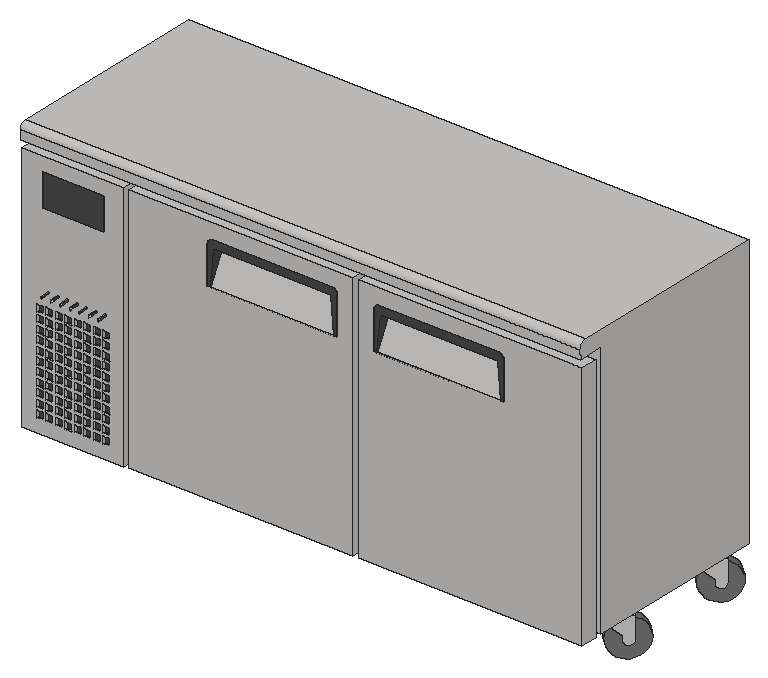
Revit family "QF_Turbo Air_JUF-60N", category Specialty Equipment, Revit 2012
Parameters
  Weight in Pounds = 210
  Watermarked By = "http://revitwatermark.com"
  Volts = 115 V
  URL Cutsheet = ""
  URL = "www.turboairinc.com"
  Status [instance] = ""
  Specification by User [instance] = ""
  Specification by Manufacturer [instance] = ""
  Serial Number [instance] = ""
  Revision Code [instance] = ""
  Phase = 1
  Number of Poles [instance] = 1
  NAFEM Spec ID Number [instance] = ""
  Model = "JUF-60N"
  Masterspec [instance] = ""
  Manufacturer = "Turbo Air"  # constant formula
  Legs [instance] = [6 inch Legs]  # no
  Item Number [instance] = "-"
  Installed By [instance] = ""
  HP = "1/3"
  Furnished By [instance] = ""
  Foodservice Equipment Identifier = yes
  FL Amps = 5.5 A
  Electrical Remarks [instance] = ""
  Electric Connection Type [instance] = ""
  Elec Conn RI Height [instance] = 0' - 0"
  Elec Conn Connection Height = 1' - 0"
  Description = "Undercounter Freezer"
  Cycle = 60 Hz
  Conn Plug = "NEMA 5-15P"
  Casters [instance] = not(Legs)  # yes
  CasterLeg Height [instance] = if([4 inch Casters], 0' 5", if([5 inch Casters], 0' 5 3/4", if([2_5 inch Casters], 0' 3 3/8", 0' 6")))  # 0' - 5"
  CSI MasterFormat = "11 41 13"
  Assembly Code = "E1090320"
  Apparent Power = if(Phase = 3, Volts * FL Amps * 1.73, Volts * FL Amps)  # 632.5 VA
  6 inch Legs [instance] = no
  5 inch Casters [instance] = no
  4 inch Casters [instance] = yes
  2_5 inch Casters [instance] = no
Reference planes (in)
  plane 1 "BACK": y = -5.375
  plane 2: z = 0
  plane 3 "LEFT": x = -20.72594
  plane 4 "Bottom": z = 5
  plane 5 "Back Stops": y = -4.375
  plane 6 "RIGHT": x = 38.27406
  plane 7 "FRONT": y = -29
  plane 8 "Door Clearance": y = -49.25
  plane 9 "Back of Door": y = -25.4375
  plane 10 "Front of Box": y = -24.75
  plane 11 "Counter Top": z = 33.75
  plane 12 "Top of Door": z = 31.25
  plane 13 "Front of Doors": y = -27.25
  plane 14 "Front of Ledge": y = -27.5
  plane 15 "Left of Right Door": x = 14.71156
  plane 16 "Right of Grill": x = -9.97594
  plane 17 "Right of Left Door": x = 14.08656
  plane 18 "Left of Left Door": x = -9.47594
Forms (in)
  Extrusion 1, solid, material "QF_Finishes_Stainless Steel"
    sketch origin (-20.72594, 0, 0) x (0, 1, 0) y (0, 0, 1)
      loop
        line (-5.375, 5) -> (-5.375, 33.75) -> (-26.8125, 33.75)
        arc (-26.8125, 33.75) -> (-27.29864, 33.54864) -> (-27.5, 33.0625) r 0.6875
        line (-27.5, 33.0625) -> (-27.5, 32.125) -> (-24.75, 32.125) -> (-24.75, 5) -> (-5.375, 5)
    from 0 to 59
  Extrusion 2, solid, material "QF_Finishes_Black"
    sketch origin (0, -24.75, 0) x (1, 0, 0) y (0, 0, 1)
      loop
        line (37.27406, 6) -> (37.27406, 30.25) -> (15.71156, 30.25) -> (15.71156, 6) -> (37.27406, 6)
      loop
        line (13.08656, 6) -> (13.08656, 30.25) -> (-8.47594, 30.25) -> (-8.47594, 6) -> (13.08656, 6)
    from 0 to 0.6875
  Extrusion 3, solid, material "QF_Finishes_Black"
    sketch origin (0, -5.375, 0) x (1, 0, 0) y (0, 0, 1)
      loop
        circle (-14.60094, 28.9375) r 0.5
      loop
        circle (32.14906, 28.9375) r 0.5
    from 0 to -1
  Extrusion 4, solid, material "QF_Finishes_Stainless Steel"
    sketch origin (0, -5.375, 0) x (1, 0, 0) y (0, 0, 1)
      loop
        circle (-15.35094, 11.125) r 0.25
    from 0 to -0.0625
  Extrusion 5, solid, material "QF_Finishes_Black"
    sketch origin (0, -24.75, 0) x (1, 0, 0) y (0, 0, 1)
      loop
        line (-19.72594, 5.875) -> (-10.97594, 5.875) -> (-10.97594, 19.125) -> (-19.72594, 19.125) -> (-19.72594, 5.875)
    from 0 to 2.25
  Extrusion 6, solid, material "QF_Finishes_Black"
    sketch origin (0, -24.75, 0) x (1, 0, 0) y (0, 0, 1)
      loop
        line (-18.53844, 29.75) -> (-18.53844, 26.375) -> (-12.16344, 26.375) -> (-12.16344, 29.75) -> (-18.53844, 29.75)
    from 0 to 2.5
  Extrusion 7, solid, material "QF_Finishes_Stainless Steel"
    sketch origin (0, -24.75, 0) x (1, 0, 0) y (0, 0, 1)
      loop
        line (-20.72594, 31.25) -> (-20.72594, 5) -> (-9.97594, 5) -> (-9.97594, 31.25) -> (-20.72594, 31.25)
      loop
        line (-11.47594, 7.125) -> (-12.22594, 7.125) -> (-12.22594, 6.375) -> (-11.47594, 6.375) -> (-11.47594, 7.125)
      loop
        line (-12.47594, 7.125) -> (-13.22594, 7.125) -> (-13.22594, 6.375) -> (-12.47594, 6.375) -> (-12.47594, 7.125)
      loop
        line (-13.47594, 7.125) -> (-14.22594, 7.125) -> (-14.22594, 6.375) -> (-13.47594, 6.375) -> (-13.47594, 7.125)
      loop
        line (-14.47594, 7.125) -> (-15.22594, 7.125) -> (-15.22594, 6.375) -> (-14.47594, 6.375) -> (-14.47594, 7.125)
      loop
        line (-15.47594, 7.125) -> (-16.22594, 7.125) -> (-16.22594, 6.375) -> (-15.47594, 6.375) -> (-15.47594, 7.125)
      loop
        line (-16.47594, 7.125) -> (-17.22594, 7.125) -> (-17.22594, 6.375) -> (-16.47594, 6.375) -> (-16.47594, 7.125)
      loop
        line (-17.47594, 7.125) -> (-18.22594, 7.125) -> (-18.22594, 6.375) -> (-17.47594, 6.375) -> (-17.47594, 7.125)
      loop
        line (-18.47594, 7.125) -> (-19.22594, 7.125) -> (-19.22594, 6.375) -> (-18.47594, 6.375) -> (-18.47594, 7.125)
      loop
        line (-11.47594, 8.125) -> (-12.22594, 8.125) -> (-12.22594, 7.375) -> (-11.47594, 7.375) -> (-11.47594, 8.125)
      loop
        line (-12.47594, 8.125) -> (-13.22594, 8.125) -> (-13.22594, 7.375) -> (-12.47594, 7.375) -> (-12.47594, 8.125)
      loop
        line (-13.47594, 8.125) -> (-14.22594, 8.125) -> (-14.22594, 7.375) -> (-13.47594, 7.375) -> (-13.47594, 8.125)
      loop
        line (-14.47594, 8.125) -> (-15.22594, 8.125) -> (-15.22594, 7.375) -> (-14.47594, 7.375) -> (-14.47594, 8.125)
      loop
        line (-15.47594, 8.125) -> (-16.22594, 8.125) -> (-16.22594, 7.375) -> (-15.47594, 7.375) -> (-15.47594, 8.125)
      loop
        line (-16.47594, 8.125) -> (-17.22594, 8.125) -> (-17.22594, 7.375) -> (-16.47594, 7.375) -> (-16.47594, 8.125)
      loop
        line (-17.47594, 8.125) -> (-18.22594, 8.125) -> (-18.22594, 7.375) -> (-17.47594, 7.375) -> (-17.47594, 8.125)
      loop
        line (-18.47594, 8.125) -> (-19.22594, 8.125) -> (-19.22594, 7.375) -> (-18.47594, 7.375) -> (-18.47594, 8.125)
      loop
        line (-11.47594, 9.125) -> (-12.22594, 9.125) -> (-12.22594, 8.375) -> (-11.47594, 8.375) -> (-11.47594, 9.125)
      loop
        line (-12.47594, 9.125) -> (-13.22594, 9.125) -> (-13.22594, 8.375) -> (-12.47594, 8.375) -> (-12.47594, 9.125)
      loop
        line (-13.47594, 9.125) -> (-14.22594, 9.125) -> (-14.22594, 8.375) -> (-13.47594, 8.375) -> (-13.47594, 9.125)
      loop
        line (-14.47594, 9.125) -> (-15.22594, 9.125) -> (-15.22594, 8.375) -> (-14.47594, 8.375) -> (-14.47594, 9.125)
      loop
        line (-15.47594, 9.125) -> (-16.22594, 9.125) -> (-16.22594, 8.375) -> (-15.47594, 8.375) -> (-15.47594, 9.125)
      loop
        line (-16.47594, 9.125) -> (-17.22594, 9.125) -> (-17.22594, 8.375) -> (-16.47594, 8.375) -> (-16.47594, 9.125)
      loop
        line (-17.47594, 9.125) -> (-18.22594, 9.125) -> (-18.22594, 8.375) -> (-17.47594, 8.375) -> (-17.47594, 9.125)
      loop
        line (-18.47594, 9.125) -> (-19.22594, 9.125) -> (-19.22594, 8.375) -> (-18.47594, 8.375) -> (-18.47594, 9.125)
      loop
        line (-11.47594, 10.125) -> (-12.22594, 10.125) -> (-12.22594, 9.375) -> (-11.47594, 9.375) -> (-11.47594, 10.125)
      loop
        line (-12.47594, 10.125) -> (-13.22594, 10.125) -> (-13.22594, 9.375) -> (-12.47594, 9.375) -> (-12.47594, 10.125)
      loop
        line (-13.47594, 10.125) -> (-14.22594, 10.125) -> (-14.22594, 9.375) -> (-13.47594, 9.375) -> (-13.47594, 10.125)
      loop
        line (-14.47594, 10.125) -> (-15.22594, 10.125) -> (-15.22594, 9.375) -> (-14.47594, 9.375) -> (-14.47594, 10.125)
      loop
        line (-15.47594, 10.125) -> (-16.22594, 10.125) -> (-16.22594, 9.375) -> (-15.47594, 9.375) -> (-15.47594, 10.125)
      loop
        line (-16.47594, 10.125) -> (-17.22594, 10.125) -> (-17.22594, 9.375) -> (-16.47594, 9.375) -> (-16.47594, 10.125)
      loop
        line (-17.47594, 10.125) -> (-18.22594, 10.125) -> (-18.22594, 9.375) -> (-17.47594, 9.375) -> (-17.47594, 10.125)
      loop
        line (-18.47594, 10.125) -> (-19.22594, 10.125) -> (-19.22594, 9.375) -> (-18.47594, 9.375) -> (-18.47594, 10.125)
      loop
        line (-11.47594, 11.125) -> (-12.22594, 11.125) -> (-12.22594, 10.375) -> (-11.47594, 10.375) -> (-11.47594, 11.125)
      loop
        line (-12.47594, 11.125) -> (-13.22594, 11.125) -> (-13.22594, 10.375) -> (-12.47594, 10.375) -> (-12.47594, 11.125)
      loop
        line (-13.47594, 11.125) -> (-14.22594, 11.125) -> (-14.22594, 10.375) -> (-13.47594, 10.375) -> (-13.47594, 11.125)
      loop
        line (-14.47594, 11.125) -> (-15.22594, 11.125) -> (-15.22594, 10.375) -> (-14.47594, 10.375) -> (-14.47594, 11.125)
      loop
        line (-15.47594, 11.125) -> (-16.22594, 11.125) -> (-16.22594, 10.375) -> (-15.47594, 10.375) -> (-15.47594, 11.125)
      loop
        line (-16.47594, 11.125) -> (-17.22594, 11.125) -> (-17.22594, 10.375) -> (-16.47594, 10.375) -> (-16.47594, 11.125)
      loop
        line (-17.47594, 11.125) -> (-18.22594, 11.125) -> (-18.22594, 10.375) -> (-17.47594, 10.375) -> (-17.47594, 11.125)
      loop
        line (-18.47594, 11.125) -> (-19.22594, 11.125) -> (-19.22594, 10.375) -> (-18.47594, 10.375) -> (-18.47594, 11.125)
      loop
        line (-11.47594, 12.125) -> (-12.22594, 12.125) -> (-12.22594, 11.375) -> (-11.47594, 11.375) -> (-11.47594, 12.125)
      loop
        line (-12.47594, 12.125) -> (-13.22594, 12.125) -> (-13.22594, 11.375) -> (-12.47594, 11.375) -> (-12.47594, 12.125)
      loop
        line (-13.47594, 12.125) -> (-14.22594, 12.125) -> (-14.22594, 11.375) -> (-13.47594, 11.375) -> (-13.47594, 12.125)
      loop
        line (-14.47594, 12.125) -> (-15.22594, 12.125) -> (-15.22594, 11.375) -> (-14.47594, 11.375) -> (-14.47594, 12.125)
      loop
        line (-15.47594, 12.125) -> (-16.22594, 12.125) -> (-16.22594, 11.375) -> (-15.47594, 11.375) -> (-15.47594, 12.125)
      loop
        line (-16.47594, 12.125) -> (-17.22594, 12.125) -> (-17.22594, 11.375) -> (-16.47594, 11.375) -> (-16.47594, 12.125)
      loop
        line (-17.47594, 12.125) -> (-18.22594, 12.125) -> (-18.22594, 11.375) -> (-17.47594, 11.375) -> (-17.47594, 12.125)
      loop
        line (-18.47594, 12.125) -> (-19.22594, 12.125) -> (-19.22594, 11.375) -> (-18.47594, 11.375) -> (-18.47594, 12.125)
      loop
        line (-11.47594, 13.125) -> (-12.22594, 13.125) -> (-12.22594, 12.375) -> (-11.47594, 12.375) -> (-11.47594, 13.125)
      loop
        line (-12.47594, 13.125) -> (-13.22594, 13.125) -> (-13.22594, 12.375) -> (-12.47594, 12.375) -> (-12.47594, 13.125)
      loop
        line (-13.47594, 13.125) -> (-14.22594, 13.125) -> (-14.22594, 12.375) -> (-13.47594, 12.375) -> (-13.47594, 13.125)
      loop
        line (-14.47594, 13.125) -> (-15.22594, 13.125) -> (-15.22594, 12.375) -> (-14.47594, 12.375) -> (-14.47594, 13.125)
      loop
        line (-15.47594, 13.125) -> (-16.22594, 13.125) -> (-16.22594, 12.375) -> (-15.47594, 12.375) -> (-15.47594, 13.125)
      loop
        line (-16.47594, 13.125) -> (-17.22594, 13.125) -> (-17.22594, 12.375) -> (-16.47594, 12.375) -> (-16.47594, 13.125)
      loop
        line (-17.47594, 13.125) -> (-18.22594, 13.125) -> (-18.22594, 12.375) -> (-17.47594, 12.375) -> (-17.47594, 13.125)
      loop
        line (-18.47594, 13.125) -> (-19.22594, 13.125) -> (-19.22594, 12.375) -> (-18.47594, 12.375) -> (-18.47594, 13.125)
      loop
        line (-11.47594, 14.125) -> (-12.22594, 14.125) -> (-12.22594, 13.375) -> (-11.47594, 13.375) -> (-11.47594, 14.125)
      loop
        line (-12.47594, 14.125) -> (-13.22594, 14.125) -> (-13.22594, 13.375) -> (-12.47594, 13.375) -> (-12.47594, 14.125)
      loop
        line (-13.47594, 14.125) -> (-14.22594, 14.125) -> (-14.22594, 13.375) -> (-13.47594, 13.375) -> (-13.47594, 14.125)
      loop
        line (-14.47594, 14.125) -> (-15.22594, 14.125) -> (-15.22594, 13.375) -> (-14.47594, 13.375) -> (-14.47594, 14.125)
      loop
        line (-15.47594, 14.125) -> (-16.22594, 14.125) -> (-16.22594, 13.375) -> (-15.47594, 13.375) -> (-15.47594, 14.125)
      loop
        line (-16.47594, 14.125) -> (-17.22594, 14.125) -> (-17.22594, 13.375) -> (-16.47594, 13.375) -> (-16.47594, 14.125)
      loop
        line (-17.47594, 14.125) -> (-18.22594, 14.125) -> (-18.22594, 13.375) -> (-17.47594, 13.375) -> (-17.47594, 14.125)
      loop
        line (-18.47594, 14.125) -> (-19.22594, 14.125) -> (-19.22594, 13.375) -> (-18.47594, 13.375) -> (-18.47594, 14.125)
      loop
        line (-11.47594, 15.125) -> (-12.22594, 15.125) -> (-12.22594, 14.375) -> (-11.47594, 14.375) -> (-11.47594, 15.125)
      loop
        line (-12.47594, 15.125) -> (-13.22594, 15.125) -> (-13.22594, 14.375) -> (-12.47594, 14.375) -> (-12.47594, 15.125)
      loop
        line (-13.47594, 15.125) -> (-14.22594, 15.125) -> (-14.22594, 14.375) -> (-13.47594, 14.375) -> (-13.47594, 15.125)
      loop
        line (-14.47594, 15.125) -> (-15.22594, 15.125) -> (-15.22594, 14.375) -> (-14.47594, 14.375) -> (-14.47594, 15.125)
      loop
        line (-15.47594, 15.125) -> (-16.22594, 15.125) -> (-16.22594, 14.375) -> (-15.47594, 14.375) -> (-15.47594, 15.125)
      loop
        line (-16.47594, 15.125) -> (-17.22594, 15.125) -> (-17.22594, 14.375) -> (-16.47594, 14.375) -> (-16.47594, 15.125)
      loop
        line (-17.47594, 15.125) -> (-18.22594, 15.125) -> (-18.22594, 14.375) -> (-17.47594, 14.375) -> (-17.47594, 15.125)
      loop
        line (-18.47594, 15.125) -> (-19.22594, 15.125) -> (-19.22594, 14.375) -> (-18.47594, 14.375) -> (-18.47594, 15.125)
      loop
        line (-11.47594, 16.125) -> (-12.22594, 16.125) -> (-12.22594, 15.375) -> (-11.47594, 15.375) -> (-11.47594, 16.125)
      loop
        line (-12.47594, 16.125) -> (-13.22594, 16.125) -> (-13.22594, 15.375) -> (-12.47594, 15.375) -> (-12.47594, 16.125)
      loop
        line (-13.47594, 16.125) -> (-14.22594, 16.125) -> (-14.22594, 15.375) -> (-13.47594, 15.375) -> (-13.47594, 16.125)
      loop
        line (-14.47594, 16.125) -> (-15.22594, 16.125) -> (-15.22594, 15.375) -> (-14.47594, 15.375) -> (-14.47594, 16.125)
      loop
        line (-15.47594, 16.125) -> (-16.22594, 16.125) -> (-16.22594, 15.375) -> (-15.47594, 15.375) -> (-15.47594, 16.125)
      loop
        line (-16.47594, 16.125) -> (-17.22594, 16.125) -> (-17.22594, 15.375) -> (-16.47594, 15.375) -> (-16.47594, 16.125)
      loop
        line (-17.47594, 16.125) -> (-18.22594, 16.125) -> (-18.22594, 15.375) -> (-17.47594, 15.375) -> (-17.47594, 16.125)
      loop
        line (-18.47594, 16.125) -> (-19.22594, 16.125) -> (-19.22594, 15.375) -> (-18.47594, 15.375) -> (-18.47594, 16.125)
      loop
        line (-11.47594, 17.125) -> (-12.22594, 17.125) -> (-12.22594, 16.375) -> (-11.47594, 16.375) -> (-11.47594, 17.125)
      loop
        line (-12.47594, 17.125) -> (-13.22594, 17.125) -> (-13.22594, 16.375) -> (-12.47594, 16.375) -> (-12.47594, 17.125)
      loop
        line (-13.47594, 17.125) -> (-14.22594, 17.125) -> (-14.22594, 16.375) -> (-13.47594, 16.375) -> (-13.47594, 17.125)
      loop
        line (-14.47594, 17.125) -> (-15.22594, 17.125) -> (-15.22594, 16.375) -> (-14.47594, 16.375) -> (-14.47594, 17.125)
      loop
        line (-15.47594, 17.125) -> (-16.22594, 17.125) -> (-16.22594, 16.375) -> (-15.47594, 16.375) -> (-15.47594, 17.125)
      loop
        line (-16.47594, 17.125) -> (-17.22594, 17.125) -> (-17.22594, 16.375) -> (-16.47594, 16.375) -> (-16.47594, 17.125)
      loop
        line (-17.47594, 17.125) -> (-18.22594, 17.125) -> (-18.22594, 16.375) -> (-17.47594, 16.375) -> (-17.47594, 17.125)
      loop
        line (-18.47594, 17.125) -> (-19.22594, 17.125) -> (-19.22594, 16.375) -> (-18.47594, 16.375) -> (-18.47594, 17.125)
      loop
        arc (-14.68933, 17.96339) -> (-14.68933, 17.78661) -> (-14.51255, 17.78661) r 0.125
        line (-14.51255, 17.78661) -> (-13.80544, 18.49372)
        arc (-13.80544, 18.49372) -> (-13.80544, 18.6705) -> (-13.98222, 18.6705) r 0.125
        line (-13.98222, 18.6705) -> (-14.68933, 17.96339)
      loop
        arc (-13.68933, 17.96339) -> (-13.68933, 17.78661) -> (-13.51255, 17.78661) r 0.125
        line (-13.51255, 17.78661) -> (-12.80544, 18.49372)
        arc (-12.80544, 18.49372) -> (-12.80544, 18.6705) -> (-12.98222, 18.6705) r 0.125
        line (-12.98222, 18.6705) -> (-13.68933, 17.96339)
      loop
        arc (-12.68933, 17.96339) -> (-12.68933, 17.78661) -> (-12.51255, 17.78661) r 0.125
        line (-12.51255, 17.78661) -> (-11.80544, 18.49372)
        arc (-11.80544, 18.49372) -> (-11.80544, 18.6705) -> (-11.98222, 18.6705) r 0.125
        line (-11.98222, 18.6705) -> (-12.68933, 17.96339)
      loop
        arc (-17.68933, 17.96339) -> (-17.68933, 17.78661) -> (-17.51255, 17.78661) r 0.125
        line (-17.51255, 17.78661) -> (-16.80544, 18.49372)
        arc (-16.80544, 18.49372) -> (-16.80544, 18.6705) -> (-16.98222, 18.6705) r 0.125
        line (-16.98222, 18.6705) -> (-17.68933, 17.96339)
      loop
        arc (-16.68933, 17.96339) -> (-16.68933, 17.78661) -> (-16.51255, 17.78661) r 0.125
        line (-16.51255, 17.78661) -> (-15.80544, 18.49372)
        arc (-15.80544, 18.49372) -> (-15.80544, 18.6705) -> (-15.98222, 18.6705) r 0.125
        line (-15.98222, 18.6705) -> (-16.68933, 17.96339)
      loop
        arc (-15.68933, 17.96339) -> (-15.68933, 17.78661) -> (-15.51255, 17.78661) r 0.125
        line (-15.51255, 17.78661) -> (-14.80544, 18.49372)
        arc (-14.80544, 18.49372) -> (-14.80544, 18.6705) -> (-14.98222, 18.6705) r 0.125
        line (-14.98222, 18.6705) -> (-15.68933, 17.96339)
      loop
        arc (-18.68933, 17.96339) -> (-18.68933, 17.78661) -> (-18.51255, 17.78661) r 0.125
        line (-18.51255, 17.78661) -> (-17.80544, 18.49372)
        arc (-17.80544, 18.49372) -> (-17.80544, 18.6705) -> (-17.98222, 18.6705) r 0.125
        line (-17.98222, 18.6705) -> (-18.68933, 17.96339)
      loop
        line (-12.16344, 29.75) -> (-18.53844, 29.75) -> (-18.53844, 26.375) -> (-12.16344, 26.375) -> (-12.16344, 29.75)
    from 0 to 2.5
Lines and regions (in)
  symbolic lines
    curve 1: line (-20.72594, -5.375, 33.75) -> (38.27406, -5.375, 33.75)
    curve 2: line (-20.72594, -29, 33.75) -> (-20.72594, -5.375, 33.75)
    curve 3: line (38.27406, -29, 33.75) -> (-20.72594, -29, 33.75)
    curve 4: line (38.27406, -5.375, 33.75) -> (38.27406, -29, 33.75)
    curve 5: line (31.64906, -4.375, 33.75) -> (32.64906, -4.375, 33.75)
    curve 6: line (-15.10094, -4.375, 33.75) -> (-14.10094, -4.375, 33.75)
    curve 7: line (-15.10094, -4.375, 33.75) -> (-15.10094, -5.375, 33.75)
    curve 8: line (-14.10094, -4.375, 33.75) -> (-14.10094, -5.375, 33.75)
    curve 9: line (31.64906, -4.375, 33.75) -> (31.64906, -5.375, 33.75)
    curve 10: line (32.64906, -4.375, 33.75) -> (32.64906, -5.375, 33.75)
  symbolic lines, style "QF_Clearances", detail levels coarse
    curve 11: line (38.27406, -29, 33.75) -> (38.27406, -49.25, 33.75)
    curve 12: arc (38.27406, -49.25, 33.75) -> (22.82834, -43.48135, 33.75) -> (14.94556, -29, 33.75) r 23.5625
    curve 13: line (-9.47594, -29, 33.75) -> (-9.47594, -49.25, 33.75)
    curve 14: arc (-9.47594, -49.25, 33.75) -> (5.96978, -43.48135, 33.75) -> (13.85256, -29, 33.75) r 23.5625
Dimensions and locks (in)
  "CasterLeg Height": plane 4 "Bottom" to plane 2
  locked: plane 1 "BACK" to plane 5 "Back Stops" at 1
  locked: plane 6 "RIGHT" to plane 3 "LEFT" at 59
  locked: plane 7 "FRONT" to plane 1 "BACK" at 23.625
  locked: plane 9 "Back of Door" to plane 10 "Front of Box" at 0.6875
  locked: plane 11 "Counter Top" to plane 4 "Bottom" at 28.75
  locked: Extrusion 2 sketch curve to plane 6 "RIGHT" at 1
  locked: nested 1 to plane 1 "BACK" at 2.5625
  locked: plane 3 "LEFT" to nested 1 at 2.5
  locked: plane 3 "LEFT" to nested 2 at 2.5
  locked: plane 10 "Front of Box" to nested 2 at 4.625
  locked: nested 3 to plane 6 "RIGHT" at 2.5
  locked: nested 4 to plane 6 "RIGHT" at 2.5
  locked: plane 10 "Front of Box" to nested 4 at 4.625
  locked: nested 3 to plane 1 "BACK" at 2.5625
  locked: plane 11 "Counter Top" to Extrusion 3 sketch curve at 4.8125  (x2)
  locked: plane 6 "RIGHT" to Extrusion 3 sketch curve at 6.125
  locked: Extrusion 3 sketch curve to plane 3 "LEFT" at 6.125
  locked: Extrusion 4 sketch curve to plane 4 "Bottom" at 6.125
  locked: Extrusion 2 sketch curve to plane 4 "Bottom" at 1  (x2)
  locked: plane 12 "Top of Door" to Extrusion 2 sketch curve at 1  (x2)
  locked: plane 13 "Front of Doors" to plane 10 "Front of Box" at 2.5
  locked: plane 14 "Front of Ledge" to plane 13 "Front of Doors" at 0.25
  locked: plane 11 "Counter Top" to plane 12 "Top of Door" at 2.5
  locked: plane 11 "Counter Top" to Extrusion 1 sketch curve at 1.625
  locked: plane 15 "Left of Right Door" to plane 6 "RIGHT" at 23.5625
  locked: plane 3 "LEFT" to plane 16 "Right of Grill" at 10.75
  locked: Extrusion 2 sketch curve to plane 15 "Left of Right Door" at 1
  locked: plane 3 "LEFT" to Extrusion 5 sketch curve at 1
  locked: plane 16 "Right of Grill" to Extrusion 5 sketch curve at 1
  locked: Extrusion 5 sketch curve to plane 4 "Bottom" at 0.875
  locked: Extrusion 5 sketch curve to Extrusion 5 sketch curve at 13.25
  locked: Extrusion 4 sketch curve to plane 3 "LEFT" at 5.375
  locked: plane 16 "Right of Grill" to plane 18 "Left of Left Door" at 0.5
  locked: plane 18 "Left of Left Door" to plane 17 "Right of Left Door" at 23.5625
  locked: Extrusion 2 sketch curve to plane 17 "Right of Left Door" at 1
  locked: Extrusion 2 sketch curve to plane 18 "Left of Left Door" at 1
  locked: plane 8 "Door Clearance" to plane 7 "FRONT" at 20.25
  aligned and locked: level to plane 2
  aligned and locked: Extrusion 1 sketch curve to plane 1 "BACK"
  aligned and locked: Extrusion 1 sketch curve to plane 4 "Bottom"
  aligned and locked: plane 10 "Front of Box" to Extrusion 1 sketch curve
  aligned and locked: plane 6 "RIGHT" to Extrusion 1
  aligned and locked: plane 9 "Back of Door" to Extrusion 2
  aligned and locked: Extrusion 1 sketch curve to plane 11 "Counter Top"
  aligned and locked: Extrusion 3 to plane 5 "Back Stops"
  aligned and locked: plane 1 "BACK" to curve 1
  aligned and locked: plane 3 "LEFT" to curve 2
  aligned and locked: curve 3 to plane 7 "FRONT"
  aligned and locked: curve 5 to Extrusion 3
  aligned and locked: curve 6 to Extrusion 3
  aligned and locked: plane 4 "Bottom" to nested 5
  aligned and locked: Extrusion 1 sketch curve to plane 14 "Front of Ledge"
  aligned and locked: plane 13 "Front of Doors" to Extrusion 6
  aligned and locked: plane 6 "RIGHT" to nested 5
  aligned and locked: plane 17 "Right of Left Door" to nested 6
  aligned and locked: nested 6 to plane 4 "Bottom"
Automatic sketch dimensions
  curve 11 to plane 6 "RIGHT" = 0' - 0"
  plane 8 "Door Clearance" to curve 11 = 0' - 0"
  plane 8 "Door Clearance" to curve 13 = 0' - 0"
  curve 14 to plane 18 "Left of Left Door" = 0' - 0"
  plane 9 "Back of Door" to curve 14 = 0' - 0 1/4"
  plane 9 "Back of Door" to curve 12 = 0' - 0 1/4"
  curve 5 to curve 9 = 0' - 1"
  curve 8 to plane 16 "Right of Grill" = 0' - 4 1/8"
  curve 6 to curve 7 = 0' - 1"
  Extrusion 6 sketch curve to plane 16 "Right of Grill" = 0' - 2 3/16"
  Extrusion 6 sketch curve to plane 12 "Top of Door" = 0' - 4 7/8"
  Extrusion 6 sketch curve to plane 12 "Top of Door" = 0' - 1 1/2"
  Extrusion 7 sketch curve to plane 3 "LEFT" = 0' - 0"
  Extrusion 7 sketch curve to plane 12 "Top of Door" = 0' - 0"
  Extrusion 7 sketch curve to plane 16 "Right of Grill" = 0' - 0"
  Extrusion 7 sketch curve to plane 4 "Bottom" = 0' - 0"
  plane 3 "LEFT" to Extrusion 7 sketch curve = 0' - 1 1/2"  (x4)
  Extrusion 7 sketch curve to Extrusion 7 sketch curve = 0' - 0"  (x166)
  Extrusion 7 sketch curve to Extrusion 7 sketch curve = 0' - 0.53661"
  Extrusion 7 sketch curve to Extrusion 7 sketch curve = 0' - 0.08839"  (x42)
  Extrusion 7 sketch curve to Extrusion 7 sketch curve = 0' - 0 3/4"  (x50)
  Extrusion 7 sketch curve to Extrusion 7 sketch curve = 0' - 0.03661"  (x7)
  Extrusion 7 sketch curve to Extrusion 7 sketch curve = 0' - 0 1/4"  (x123)
  Extrusion 7 sketch curve to Extrusion 7 sketch curve = 0' - 0.82322"  (x6)
  Extrusion 7 sketch curve to Extrusion 7 sketch curve = 0' - 0.11612"  (x6)
  Extrusion 7 sketch curve to plane 16 "Right of Grill" = 0' - 2 3/16"
  plane 4 "Bottom" to Extrusion 7 sketch curve = 0' - 1 3/8"  (x2)
  Extrusion 7 sketch curve to Extrusion 7 sketch curve = 0' - 0.66161"  (x7)
  Extrusion 7 sketch curve to Extrusion 7 sketch curve = 0' - 0.53033"  (x6)
  Extrusion 7 sketch curve to Extrusion 7 sketch curve = 0' - 0.70711"  (x2)
  Extrusion 7 sketch curve to plane 12 "Top of Door" = 0' - 4 7/8"
  Extrusion 7 sketch curve to plane 12 "Top of Door" = 0' - 1 1/2"
  Extrusion 1 sketch curve to plane 13 "Front of Doors" = 0' - 0 7/16"
  plane 3 "LEFT" to Extrusion 6 sketch curve = 0' - 2 3/16"
  plane 3 "LEFT" to Extrusion 7 sketch curve = 0' - 2 3/16"
  curve 10 to plane 6 "RIGHT" = 0' - 5 5/8"
  radius of Extrusion 3 sketch curve = 0' - 0 1/2"  (x2)
  radius of Extrusion 4 sketch curve = 0' - 0 1/4"
Nested families (in)
  nested 1: "FESCasterLeg" at (-18.22594, -7.9375, 0), Legs <- "Legs", Casters <- "Casters", Height <- "CasterLeg Height", type "FESCasterLeg"
    with Legs no, Height 0' - 5", Casters yes, Caster Radius 0' - 2"
  nested 2: "FESCasterLeg" at (-18.22594, -20.125, 0), Legs <- "Legs", Casters <- "Casters", Height <- "CasterLeg Height", type "FESCasterLeg"
    with Legs no, Height 0' - 5", Casters yes, Caster Radius 0' - 2"
  nested 3: "FESCasterLeg" at (35.77406, -7.9375, 0), Legs <- "Legs", Casters <- "Casters", Height <- "CasterLeg Height", type "FESCasterLeg"
    with Legs no, Height 0' - 5", Casters yes, Caster Radius 0' - 2"
  nested 4: "FESCasterLeg" at (35.77406, -20.125, 0), Legs <- "Legs", Casters <- "Casters", Height <- "CasterLeg Height", type "FESCasterLeg"
    with Legs no, Height 0' - 5", Casters yes, Caster Radius 0' - 2"
  nested 5: "QF_Turbo Air_TBL_Door-1" at (23.09739, -25.4375, 5) x (-1, 0, 0) z (0, 0, 1), type "QF_Turbo Air_TBL_Door-1"
    with Width 1' - 11 9/16", Symbolic Lines no, Height 2' - 2 1/4", Handle Width 1' - 1 11/16", Depth 0' - 1 13/16"
  nested 6: "QF_Turbo Air_TBL_Door-1" at (5.70073, -25.4375, 5), type "QF_Turbo Air_TBL_Door-1"
    with Width 1' - 11 9/16", Symbolic Lines no, Height 2' - 2 1/4", Handle Width 1' - 1 11/16", Depth 0' - 1 13/16"
Connectors (in)
  electrical at (-15.35094, -5.3125, 11.125), driven by "Number of Poles", driven by "Volts", driven by "Apparent Power"
    settings: on Extrusion 4, index 1, voltage 115 V, apparent load 632.5 VA, apparent load phase1 0 VA, apparent load phase2 0 VA, apparent load phase3 0 VA, power factor 1, load classification "Other", number of poles 1, system type 30, power factor state 1, is connector primary yes, connector utility no, sub classification motor no, connector description ""
Definition of nested family "FESCasterLeg"
  Parameters (values of type "FESCasterLeg")
    Watermarked By = "http://revitwatermark.com"
    Type Comments = "⍁⍉⌁⌀⏭⎽⌇⍠⌜⍉⎖⌥⌦⌯⍭⏊⍻⍿⍊⏵⍊⏗⏠⍴⎡⌈⎀⍠⌓⌤⏘⎐⍀⌐⏬⏁⎈⏍⏦⎒⏬⌝⍩⍇⌣〈⎫〉⎁⏊⍥⍖⍥⍝⍦⌖⍀⏌⏭⎝⎼⏷⏞⍻⏯⎽⏷⏞⍻⏯⎽⏷⎺⌻⎝⍎⌧⏷⏟⏿⌿⍜⍦⍤⌁⍬⏶⏎⍊⏚⏉⎞⌡⎀⎪⏈⌟⌿⍾⍼⌟⌿⌢⌞⏜⏝⎽⍷⍷⍯⍧⍷⌯⍽⏸⏨⏾⏎⌣⏺⍹⏼⏅⎏⌽⎫⎪⍙⎓⏗⎗⏅⌴⍏⍏⍿⏑⎺⍘⌭⏲⍥⎛⎾⎾⍞⍌⎪⎲⌙⎥⏏⎟⎟⏼⏘⎏⎝⏧⏍⏁⍏⍧⏯⏾⌟"
    Legs [instance] = yes
    Height [instance] = 0' - 6"
    Caster Radius [instance] = if(Height < 0' 3", 0' 1", (Height / 2) - 0' 0 1/2")  # 0' - 2 1/2"
    Casters [instance] = yes
    Assembly Code = ""
  Reference planes (in)
    plane 1 "Center (Front/Back)": y = 0
    plane 2: z = 0
    plane 3 "Center (Left/Right)": x = 0
    plane 4: z = 6
    plane 5: z = 5.5
  Forms (in)
    Extrusion 1, solid, material "QF_Finishes_Stainless Steel", visible <- "Casters"
      sketch origin (-24.12131, -22.88887, 10.18833) x (0.707107, 0.707107, 0) y (0, 0, 1)
        loop
          line (34.98772, -7.68833) -> (34.98772, -4.93833) -> (34.48772, -4.93833) -> (34.39402, -4.68833) -> (32.39402, -4.68833) -> (32.39402, -5.43833) -> (33.98772, -7.34206) -> (33.98772, -7.68833)
          arc (33.98772, -7.68833) -> (34.48772, -8.18833) -> (34.98772, -7.68833) r 0.5
      from 0 to 1.75
    Extrusion 2, solid, material "QF_Finishes_Rubber Black", visible <- "Casters"
      sketch origin (-24.32327, -23.09083, 13.31461) x (0.707107, 0.707107, 0) y (0, 0, 1)
        loop
          circle (34.77334, -10.81461) r 2.5
      from 0.375 to 1.375
    Extrusion 3, solid, material "QF_Finishes_Stainless Steel", visible <- "Casters"
      sketch origin (-7.24148, -8.48391, 0) x (0.707107, 0.707107, 0) y (0, 0, 1)
        loop
          line (10.61603, 5.5) -> (11.61603, 5.5) -> (11.61603, 6) -> (10.61603, 6) -> (10.61603, 5.5)
      from 0 to -1.75
    Blend 4, solid, material "QF_Finishes_Stainless Steel", visible <- "Legs"
      base sketch origin (0, 0, 0) x (1, 0, 0) y (0, 1, 0)
        loop
          circle (0, 0) r 0.5
      top sketch origin (0, 0, 0) x (1, 0, 0) y (0, 1, 0)
        loop
          circle (0, 0) r 1
      from 0 to 6 <- "Height"
  Lines and regions (in)
    symbolic lines, style "QF_Hidden Details", visible <- "Casters", built-in parameter 1006206 <- "Casters"
      curve 1: line (-1.26158, -0.51911, 0) -> (1.39007, 2.13254, 0)
      curve 2: line (-0.53429, -1.24639, 0) -> (2.11736, 1.40526, 0)
    symbolic lines, style "QF_Hidden Details", built-in parameter 1006206 <- "Casters", visible <- "Casters"
      curve 3: line (-1.26158, -0.51911, 0) -> (1.39007, 2.13254, 0)
      curve 4: line (-0.53429, -1.24639, 0) -> (2.11736, 1.40526, 0)
  Dimensions and locks (in)
    locked: plane 4 to plane 5 at 0.5
    "Height": plane 4 to level
    "Caster Radius": Extrusion 2 sketch curve to level
    "Caster Radius": Extrusion 1 sketch curve to level
    "Caster Radius": radius of Extrusion 2 sketch curve
    aligned and locked: plane 2 to level
    aligned: Blend 4 to Extrusion 3
    aligned and locked: plane 4 to Blend 4
    aligned and locked: Extrusion 3 to plane 5
    aligned and locked: plane 4 to Extrusion 3
    aligned and locked: plane 5 to Extrusion 1
  Automatic sketch dimensions
    plane 1 "Center (Front/Back)" to curve 3 = 0' - 0.51911"
    curve 3 to plane 3 "Center (Left/Right)" = 0' - 1.26158"
    plane 1 "Center (Front/Back)" to curve 1 = 0' - 0.51911"
    curve 1 to curve 3 = 0' - 0"  (x3)
    curve 4 to plane 3 "Center (Left/Right)" = 0' - 0.53429"
    curve 2 to curve 4 = 0' - 0"  (x2)
    plane 3 "Center (Left/Right)" to curve 3 = 0' - 1.39007"
    curve 1 to curve 4 = 0' - 0.72729"
    curve 2 to curve 1 = 0' - 0.72729"
    curve 4 to curve 2 = 0' - 0"  (x2)
    curve 2 to plane 1 "Center (Front/Back)" = 0' - 1.40526"
    curve 2 to curve 3 = 0' - 0.72729"
    plane 5 to Extrusion 1 sketch curve = 0' - 0"
    Extrusion 1 sketch curve to Extrusion 1 sketch curve = 0' - 1.5937"
    Extrusion 1 sketch curve to Extrusion 1 sketch curve = 0' - 2"
    Extrusion 1 sketch curve to Extrusion 1 sketch curve = 0' - 0.0937"
    Extrusion 1 sketch curve to Extrusion 1 sketch curve = 0' - 0 1/2"
    Extrusion 1 sketch curve to Extrusion 1 sketch curve = 0' - 0.34627"
    Extrusion 1 sketch curve to plane 5 = 0' - 0 3/4"
    Extrusion 1 sketch curve to plane 5 = 0' - 0 1/4"
    Extrusion 3 sketch curve to plane 5 = 0' - 0"
    plane 4 to Extrusion 3 sketch curve = 0' - 0"
    Extrusion 3 sketch curve to Extrusion 3 sketch curve = 0' - 1"
    plane 1 "Center (Front/Back)" to Blend 4 sketch curve = 0' - 0"  (x2)
    Blend 4 sketch curve to plane 3 "Center (Left/Right)" = 0' - 0"  (x2)
    radius of Blend 4 sketch curve = 0' - 0 1/2"
    radius of Blend 4 sketch curve = 0' - 1"
Definition of nested family "QF_Turbo Air_TBL_Door-1"
  Parameters (values of type "QF_Turbo Air_TBL_Door-1")
    Width [instance] = 2' - 5 5/16"
    Watermarked By = "http://revitwatermark.com"
    Symbolic Lines [instance] = yes
    Manufacturer = "Turbo Air"  # constant formula
    Height [instance] = 2' - 3 7/16"
    Handle Width [instance] = 1' - 5 5/8"
    Depth [instance] = 0' - 1 13/16"
  Reference planes (in)
    plane 1 "BACK": y = 0
    plane 2: z = 0
    plane 3 "LEFT": x = -15.17667
    plane 4: x = 14.13583
    plane 5 "FRONT": y = -1.8125
    plane 6: z = 27.4375
    plane 7 "Right of Handle": x = 12.51083
    plane 8 "Left of Handle": x = -5.11417
  Forms (in)
    Extrusion 1, solid, material "QF_Finishes_Black"
      sketch origin (-31.11417, 0, 15.01083) x (0, 0, -1) y (1, 0, 0)
        loop
          arc (-10.23917, 43.625) -> (-10.63691, 43.46025) -> (-10.80167, 43.0625) r 0.5625
          line (-10.80167, 43.0625) -> (-10.80167, 26.5625)
          arc (-10.80167, 26.5625) -> (-10.63691, 26.16475) -> (-10.23917, 26) r 0.5625
          line (-10.23917, 26) -> (-6.30167, 26) -> (-6.30167, 26.34375) -> (-9.98917, 26.66636) -> (-9.98917, 42.95864) -> (-6.30167, 43.28125) -> (-6.30167, 43.625) -> (-10.23917, 43.625)
      from 0 to 1.8125
    Extrusion 2, solid, material "QF_Finishes_Stainless Steel"
      sketch origin (-5.14542, 0, 15.01083) x (0, 1, 0) y (0, 0, 1)
        loop
          line (-1.8125, 6.30167) -> (0, 6.30167) -> (0, 9.98917) -> (-0.47036, 9.98917) -> (-1.8125, 6.30167)
      from 0.375 to 17.3125
    Extrusion 3, solid, material "QF_Finishes_Stainless Steel"
      sketch origin (0, 0, 0) x (1, 0, 0) y (0, 0, 1)
        loop
          line (-15.17667, 27.4375) -> (-15.17667, 0) -> (14.13583, 0) -> (14.13583, 27.4375) -> (-15.17667, 27.4375)
        loop
          arc (-4.55167, 25.8125) -> (-4.94941, 25.64775) -> (-5.11417, 25.25) r 0.5625
          line (-5.11417, 25.25) -> (-5.11417, 21.3125) -> (12.51083, 21.3125) -> (12.51083, 25.25)
          arc (12.51083, 25.25) -> (12.34608, 25.64775) -> (11.94833, 25.8125) r 0.5625
          line (11.94833, 25.8125) -> (-4.55167, 25.8125)
      from 0 to 1.8125
  Lines and regions (in)
    symbolic lines, visible <- "Symbolic Lines"
      curve 1: line (-15.17667, 0, 25.96875) -> (14.13583, 0, 25.96875)
      curve 2: line (-15.17667, -1.8125, 25.96875) -> (-15.17667, 0, 25.96875)
      curve 3: line (14.13583, -1.8125, 25.96875) -> (-15.17667, -1.8125, 25.96875)
      curve 4: line (14.13583, 0, 25.96875) -> (14.13583, -1.8125, 25.96875)
  Dimensions and locks (in)
    "Width": plane 4 to plane 3 "LEFT"
    "Depth": plane 5 "FRONT" to plane 1 "BACK"
    "Height": plane 6 to plane 2
    locked: Extrusion 3 sketch curve to Extrusion 3 sketch curve at 4.5
    locked: plane 6 to Extrusion 3 sketch curve at 1.625
    locked: plane 6 to Extrusion 1 sketch curve at 1.625
    locked: Extrusion 1 sketch curve to Extrusion 1 sketch curve at 0.8125
    locked: Extrusion 1 sketch curve to Extrusion 1 sketch curve at 4.5  (x2)
    locked: plane 6 to Extrusion 2 sketch curve at 2.4375
    locked: Extrusion 2 sketch curve to Extrusion 2 sketch curve at 3.6875
    locked: Extrusion 2 sketch curve to plane 5 "FRONT" at 1.34214
    locked: plane 7 "Right of Handle" to plane 4 at 1.625
    "Handle Width": plane 8 "Left of Handle" to plane 7 "Right of Handle"
    locked: Extrusion 1 sketch curve to plane 8 "Left of Handle" at 0.34375
    locked: Extrusion 1 sketch curve to plane 8 "Left of Handle" at 0.66636
    locked: Extrusion 1 sketch curve to plane 8 "Left of Handle" at 0.5625
    locked: plane 7 "Right of Handle" to Extrusion 1 sketch curve at 0.34375
    locked: plane 7 "Right of Handle" to Extrusion 1 sketch curve at 0.66636
    locked: plane 7 "Right of Handle" to Extrusion 1 sketch curve at 0.5625
    locked: plane 8 "Left of Handle" to Extrusion 2 at 0.34375
    locked: plane 7 "Right of Handle" to Extrusion 2 at 0.34375
    aligned and locked: level to plane 2
    aligned and locked: Extrusion 3 sketch curve to plane 6
    aligned and locked: plane 3 "LEFT" to Extrusion 3 sketch curve
    aligned and locked: level to Extrusion 3 sketch curve
    aligned and locked: Extrusion 3 sketch curve to plane 4
    aligned and locked: plane 5 "FRONT" to Extrusion 3
    aligned and locked: Extrusion 2 sketch curve to plane 1 "BACK"
    aligned and locked: plane 1 "BACK" to curve 1
    aligned and locked: plane 3 "LEFT" to curve 2
    aligned and locked: curve 3 to plane 5 "FRONT"
    aligned and locked: curve 4 to plane 4
    aligned and locked: Extrusion 3 sketch curve to plane 7 "Right of Handle"
    aligned and locked: Extrusion 3 sketch curve to plane 8 "Left of Handle"
    aligned and locked: Extrusion 1 sketch curve to plane 7 "Right of Handle"
    aligned and locked: plane 8 "Left of Handle" to Extrusion 1 sketch curve
  Automatic sketch dimensions
    Extrusion 3 sketch curve to Extrusion 3 sketch curve = 0' - 0 9/16"  (x2)
    Extrusion 2 sketch curve to plane 5 "FRONT" = 0' - 0"
